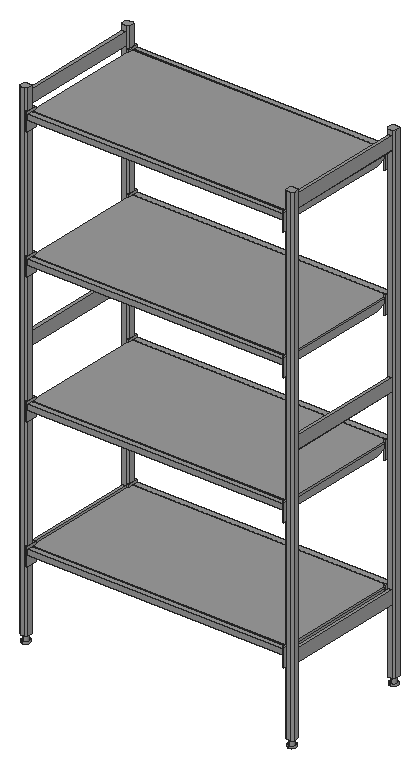
Revit family "QF_ELECTROLUXPROFESSIONAL_137032_BLS950", category Attrezzature speciali, Revit 2020
Family settings
  Quota connettore circolare = Usa diametro
  Tipo di parte = Normale
  Basato su piano di lavoro = No
  Sempre verticale = Sì
  Taglio con vuoti quando caricato = No
  Condiviso = No
  Punto di calcolo locali = No
Parameters (values of type "Standard")
  Weight = 20.00 kg
  Watts = 0 W
  Volts = 0 V
  URL Manufacturer = "https://www.electroluxprofessional.com/"
  URL = "https://www.electroluxprofessional.com/"
  Steam Supply Size = 0 mm
  Steam Supply Minimum Pressure = 0.0 Pa
  Steam Supply Maximum Pressure = 0.0 Pa
  Steam Consumption per Hour = 0
  Refrigeration Suction Line Size = 0.0 mm
  Refrigeration Liquid Line Size = 0.0 mm
  Refrigerant Compressor Remote = yes
  Prospetto di default = 0.0 mm
  Phase = 0
  Modello = "BLS950"
  Produttore = "Electrolux Professional"
  Length Actual = 950.0 mm  # constant formula
  Item Number = "137032"
  Hot Water Size = 0 mm
  Height Actual = 1700.0 mm  # constant formula
  HP = "0 HP"
  Gas Size = 0 mm
  Gas KW = 0
  Gas Input Pressure = 0 W
  Direct Waste Size = 0 mm
  Descrizione = "ALUM.LINEAR SHELV.-POLY.TIERS-475X950MM"
  Depth Actual = 475.0 mm  # constant formula
  Cycle = 0 Hz
  Condensate Return Size = 0 mm
  Compressed Air Volume = 0.0 L/s
  Compressed Air Size = 0 mm
  Compressed Air Pressure = 0.0 Pa
  Cold Water Size = 0 mm
  Accessory = yes
Reference planes
  plane 1: z = 0
  plane 2 "Center (Left/Right)": x = -31
  plane 3 "LEFT": x = -506
  plane 4 "RIGHT": x = 444
  plane 5 "BACK": y = 23
  plane 6 "FRONT": y = -452
  plane 7 "TOP": z = 1700
  plane 8: x = 439
  plane 9: x = -474
  plane 10: x = 412
  plane 11 "Center (Front/Back)": y = -214.5
  plane 12: x = 407
  plane 13: y = -8.5
  plane 14: y = -420.5
  plane 15 "FEET": z = 25
  plane 16: z = 275
  plane 17: z = 725
  plane 18: z = 1175
  plane 19: z = 1625
  plane 20 "CXLeft": x = -492
  plane 21 "CXRight": x = 430
  plane 22: y = 5.5
  plane 23 "CYBack": y = 5.5
  plane 24 "CYFront": y = -434.5
Forms (mm)
  Extrusion 1, solid, material "QF_Aluminum"
    sketch origin (-506, 0, 0) x (0, 1, 0) y (0, 0, 1)
      loop
        line (4, 1650.994) -> (4, 1632.998) -> (23, 1632.998) -> (23, 1650.994) -> (4, 1650.994)
      loop
        line (-433, 1650.994) -> (-452, 1650.994) -> (-452, 1632.998) -> (-433, 1632.998) -> (-433, 1650.994)
      loop
        line (4, 1200.994) -> (4, 1182.998) -> (23, 1182.998) -> (23, 1200.994) -> (4, 1200.994)
      loop
        line (-433, 1200.994) -> (-452, 1200.994) -> (-452, 1182.998) -> (-433, 1182.998) -> (-433, 1200.994)
      loop
        line (4, 750.994) -> (4, 732.998) -> (23, 732.998) -> (23, 750.994) -> (4, 750.994)
      loop
        line (-433, 750.994) -> (-452, 750.994) -> (-452, 732.998) -> (-433, 732.998) -> (-433, 750.994)
      loop
        line (4, 300.994) -> (4, 282.998) -> (23, 282.998) -> (23, 300.994) -> (4, 300.994)
      loop
        line (-433, 300.994) -> (-452, 300.994) -> (-452, 282.998) -> (-433, 282.998) -> (-433, 300.994)
    from 32 to 918
  Extrusion 2, solid, material "QF_Polyethylene"
    sketch origin (-506, 0, 0) x (0, 1, 0) y (0, 0, 1)
      loop
        line (2.007, 1650.994) -> (-431, 1650.994) -> (-431, 1644.496) -> (2.007, 1644.496) -> (2.007, 1650.994)
      loop
        line (2.007, 1200.994) -> (-431, 1200.994) -> (-431, 1194.496) -> (2.007, 1194.496) -> (2.007, 1200.994)
      loop
        line (2.007, 750.994) -> (-431, 750.994) -> (-431, 744.496) -> (2.007, 744.496) -> (2.007, 750.994)
      loop
        line (2.007, 300.994) -> (-431, 300.994) -> (-431, 294.496) -> (2.007, 294.496) -> (2.007, 300.994)
    from 32 to 918
  Extrusion 3, solid, material "QF_Aluminum"
    sketch origin (444, 0, 0) x (0, 1, 0) y (0, 0, 1)
      loop
        line (-12, 1632.998) -> (4, 1632.998) -> (4, 1650.994) -> (2.007, 1650.994) -> (2.007, 1644.496) -> (-431, 1644.496) -> (-431, 1650.994) -> (-433, 1650.994) -> (-433, 1632.998) -> (-417, 1632.998) -> (-383, 1620.994) -> (-46, 1620.994) -> (-12, 1632.998)
      loop
        line (-12, 1182.998) -> (4, 1182.998) -> (4, 1200.994) -> (2.007, 1200.994) -> (2.007, 1194.496) -> (-431, 1194.496) -> (-431, 1200.994) -> (-433, 1200.994) -> (-433, 1182.998) -> (-417, 1182.998) -> (-383, 1170.994) -> (-46, 1170.994) -> (-12, 1182.998)
      loop
        line (-12, 732.998) -> (4, 732.998) -> (4, 750.994) -> (2.007, 750.994) -> (2.007, 744.496) -> (-431, 744.496) -> (-431, 750.994) -> (-433, 750.994) -> (-433, 732.998) -> (-417, 732.998) -> (-383, 720.994) -> (-46, 720.994) -> (-12, 732.998)
      loop
        line (-12, 282.998) -> (4, 282.998) -> (4, 300.994) -> (2.007, 300.994) -> (2.007, 294.496) -> (-431, 294.496) -> (-431, 300.994) -> (-433, 300.994) -> (-433, 282.998) -> (-417, 282.998) -> (-383, 270.994) -> (-46, 270.994) -> (-12, 282.998)
    from -32 to -37
Lines and regions (mm)
  symbolic lines
    curve 1: line (412, 4, 1700) -> (-474, 4, 1700)
    curve 2: line (-478, 23, 1700) -> (416, 23, 1700)
    curve 3: line (416, 13.246, 1700) -> (422.254, 19.5, 1700)
    curve 4: line (422.254, -8.5, 1700) -> (416, -2.246, 1700)
    curve 5: line (422.254, -420.5, 1700) -> (416, -426.754, 1700)
    curve 6: line (-478, -452, 1700) -> (416, -452, 1700)
    curve 7: line (416, 23, 1700) -> (416, -12.993, 1700)
    curve 8: line (416, -12.993, 1700) -> (412, -12.993, 1700)
    curve 9: line (416, -452, 1700) -> (416, -416.007, 1700)
    curve 10: line (416, -416.007, 1700) -> (412, -416.007, 1700)
    curve 11: line (-474, -12.993, 1700) -> (-474, -416.007, 1700)
    curve 12: line (-474, -433, 1700) -> (412, -433, 1700)
    curve 13: line (412, -12.993, 1700) -> (412, -416.007, 1700)
Dimensions and locks
  locked: plane 3 "LEFT" to plane 4 "RIGHT" at 950
  equal spacing: plane 3 "LEFT", plane 2 "Center (Left/Right)", plane 4 "RIGHT"
  locked: plane 7 "TOP" to level at 1700
  locked: plane 5 "BACK" to plane 6 "FRONT" at 475
  locked: plane 4 "RIGHT" to plane 8 at 5
  locked: plane 9 to plane 10 at 886
  locked: plane 3 "LEFT" to plane 9 at 32
  plane 12 to plane 10 = 5.0 mm
  locked: plane 13 to plane 14 at 412
  equal spacing: plane 13, plane 11 "Center (Front/Back)", plane 14
  equal spacing: plane 5 "BACK", plane 11 "Center (Front/Back)", plane 6 "FRONT"
  plane 15 "FEET" to level = 25.0 mm
  plane 7 "TOP" to plane 15 "FEET" = 1675.0 mm
  plane 16 to plane 15 "FEET" = 250.0 mm
  plane 17 to plane 16 = 450.0 mm
  plane 18 to plane 17 = 450.0 mm
  plane 19 to plane 18 = 450.0 mm
  locked: plane 3 "LEFT" to plane 20 "CXLeft" at 14
  locked: plane 21 "CXRight" to plane 4 "RIGHT" at 14
  locked: plane 5 "BACK" to plane 23 "CYBack" at 17.5
  locked: plane 24 "CYFront" to plane 6 "FRONT" at 17.5
  aligned and locked: level to plane 1
  aligned and locked: plane 9 to Extrusion 2
  aligned and locked: Extrusion 2 to plane 10
  aligned and locked: plane 9 to Extrusion 1
  aligned and locked: Extrusion 1 to plane 10
  aligned and locked: Extrusion 1 sketch curve to Extrusion 1 sketch curve  (x2)
  aligned and locked: Extrusion 3 sketch curve to Extrusion 3 sketch curve  (x3)
  aligned and locked: Extrusion 3 to plane 12
  aligned and locked: Extrusion 3 to plane 10
  aligned and locked: nested 1 to plane 20 "CXLeft"
  aligned and locked: nested 2 to plane 21 "CXRight"
Automatic sketch dimensions
  Extrusion 1 sketch curve to plane 6 "FRONT" = 0.0 mm  (x4)
  Extrusion 1 sketch curve to plane 5 "BACK" = 0.0 mm  (x4)
  plane 24 "CYFront" to Extrusion 1 sketch curve = 1.5 mm  (x2)
  plane 22 to Extrusion 1 sketch curve = 1.5 mm  (x4)
  plane 16 to Extrusion 1 sketch curve = 7.998 mm  (x2)
  Extrusion 1 sketch curve to Extrusion 1 sketch curve = 17.997 mm  (x8)
  plane 17 to Extrusion 1 sketch curve = 7.998 mm  (x2)
  plane 18 to Extrusion 1 sketch curve = 7.998 mm  (x2)
  plane 19 to Extrusion 1 sketch curve = 7.998 mm  (x2)
  plane 24 "CYFront" to Extrusion 2 sketch curve = 3.5 mm  (x4)
  plane 22 to Extrusion 2 sketch curve = 3.493 mm  (x4)
  plane 16 to Extrusion 2 sketch curve = 19.496 mm
  Extrusion 2 sketch curve to Extrusion 2 sketch curve = 6.499 mm  (x4)
  plane 17 to Extrusion 2 sketch curve = 19.496 mm
  plane 18 to Extrusion 2 sketch curve = 19.496 mm
  plane 19 to Extrusion 2 sketch curve = 19.496 mm
  plane 24 "CYFront" to Extrusion 3 sketch curve = 1.5 mm  (x4)
  Extrusion 3 sketch curve to Extrusion 3 sketch curve = 2.0 mm
  plane 14 to Extrusion 3 sketch curve = 3.5 mm  (x4)
  Extrusion 3 sketch curve to plane 16 = 4.006 mm
  Extrusion 3 sketch curve to Extrusion 3 sketch curve = 34.0 mm  (x4)
  Extrusion 3 sketch curve to plane 17 = 4.006 mm
  Extrusion 3 sketch curve to plane 18 = 4.006 mm
  Extrusion 3 sketch curve to plane 19 = 4.006 mm
  Extrusion 3 sketch curve to plane 13 = 37.5 mm  (x4)
  Extrusion 3 sketch curve to plane 13 = 3.5 mm  (x4)
  plane 22 to Extrusion 3 sketch curve = 3.493 mm  (x4)
  plane 22 to Extrusion 3 sketch curve = 1.5 mm  (x4)
  plane 16 to Extrusion 3 sketch curve = 7.998 mm  (x2)
  Extrusion 3 sketch curve to Extrusion 3 sketch curve = 11.498 mm  (x4)
  Extrusion 3 sketch curve to Extrusion 3 sketch curve = 6.499 mm  (x8)
  plane 17 to Extrusion 3 sketch curve = 7.998 mm  (x2)
  plane 18 to Extrusion 3 sketch curve = 7.998 mm  (x2)
  plane 19 to Extrusion 3 sketch curve = 7.998 mm  (x2)
  curve 6 to plane 6 "FRONT" = 0.0 mm
  curve 12 to plane 9 = 0.0 mm
  curve 12 to plane 10 = 0.0 mm
  curve 5 to plane 14 = 0.0 mm
  curve 11 to plane 9 = 0.0 mm
  curve 8 to plane 10 = 0.0 mm
  curve 4 to plane 13 = 0.0 mm
  curve 1 to plane 9 = 0.0 mm
  curve 1 to plane 10 = 0.0 mm
  curve 2 to plane 5 "BACK" = 0.0 mm
  plane 14 to curve 10 = 4.493 mm
  curve 7 to plane 13 = 4.493 mm
  curve 10 to plane 10 = 4.0 mm
  curve 7 to plane 10 = 4.0 mm
  plane 24 "CYFront" to curve 12 = 1.5 mm
  curve 5 to plane 14 = 6.254 mm
  plane 14 to curve 11 = 4.493 mm
  curve 11 to plane 13 = 4.493 mm
  plane 13 to curve 4 = 6.254 mm
  plane 22 to curve 1 = 1.5 mm
  curve 3 to plane 22 = 7.746 mm
  curve 3 to plane 5 "BACK" = 3.5 mm
  curve 5 to curve 9 = 6.254 mm
  curve 3 to curve 2 = 6.254 mm
  curve 4 to curve 7 = 6.254 mm
  plane 9 to curve 2 = 4.0 mm
  plane 9 to curve 6 = 4.0 mm
Nested families
  nested 1: "WT_Anta475" at (-89, 0, 0), type "WT_Anta475"
  nested 2: "WT_Anta475" at (27, 0, 0) x (-1, 0, 0) z (0, 0, 1), type "WT_Anta475"
Definition of nested family "WT_Anta475"
  Parameters
    WidthLeft = A + 64.0 mm  # 772.0 mm
    Width = 1606.0 mm
    Right = WidthLeft / 2  # 386.0 mm
    Default Elevation = 0.0 mm
    Left = -WidthLeft / 2  # -386.0 mm
    Height = 1725.0 mm
    FEET = 25.0 mm
    E = 0.0 mm
    Dint = Depth - 63.0 mm  # 412.0 mm
    Dext = Depth - 8.0 mm  # 467.0 mm
    Depth = 475.0 mm
    DX = (WidthLeft - A) / 2  # 32.0 mm
    B = 798.0 mm
    A = 708.0 mm
  Reference planes
    plane 1: z = 0
    plane 2 "LEFT": x = -417
    plane 3 "BACK": y = 23
    plane 4 "FRONT": y = -452
    plane 5 "TOP": z = 1725
    plane 6 "Center (Front/Back)": y = -214.5
    plane 7: y = -8.5
    plane 8: y = -420.5
    plane 9 "FEET": z = 25
    plane 10: z = 275
    plane 11: z = 725
    plane 12: z = 1175
    plane 13: z = 1625
    plane 14 "CXLeft": x = -403
    plane 15: y = 5.5
    plane 16 "CYBack": y = 5.5
    plane 17 "CYFront": y = -434.5
    plane 18: x = -385.031
    plane 19: x = -380.031
  Forms (mm)
    Extrusion 1, solid
      sketch origin (0, 0, 0) x (1, 0, 0) y (0, 1, 0)
        loop
          line (-417, 13.246) -> (-417, -2.246) -> (-410.746, -8.5) -> (-395.254, -8.5) -> (-389, -2.246) -> (-389, 13.246) -> (-395.254, 19.5) -> (-410.746, 19.5) -> (-417, 13.246)
      from 1725 to 25
    Extrusion 2, solid
      sketch origin (-417, 0, 0) x (0, 1, 0) y (0, 0, 1)
        loop
          line (23, 246.005) -> (23, 307.993) -> (-12.993, 307.993) -> (-12.993, 246.005) -> (23, 246.005)
        loop
          line (-452, 246.005) -> (-416.007, 246.005) -> (-416.007, 307.993) -> (-452, 307.993) -> (-452, 246.005)
        loop
          line (23, 696.005) -> (23, 757.993) -> (-12.993, 757.993) -> (-12.993, 696.005) -> (23, 696.005)
        loop
          line (-452, 696.005) -> (-416.007, 696.005) -> (-416.007, 757.993) -> (-452, 757.993) -> (-452, 696.005)
        loop
          line (23, 1146.005) -> (23, 1207.993) -> (-12.993, 1207.993) -> (-12.993, 1146.005) -> (23, 1146.005)
        loop
          line (-452, 1146.005) -> (-416.007, 1146.005) -> (-416.007, 1207.993) -> (-452, 1207.993) -> (-452, 1146.005)
        loop
          line (23, 1596.005) -> (23, 1657.993) -> (-12.993, 1657.993) -> (-12.993, 1596.005) -> (23, 1596.005)
        loop
          line (-452, 1596.005) -> (-416.007, 1596.005) -> (-416.007, 1657.993) -> (-452, 1657.993) -> (-452, 1596.005)
      from 28 to 32
    Revolve 3, solid
      sketch origin (-403, 0, 0) x (0, 1, 0) y (0, 0, 1)
        loop
          line (5.5, 25) -> (5.5, 0) -> (19, 0) -> (19, 5) -> (14, 5) -> (14, 25) -> (5.5, 25)
        axis (5.5, 25) -> (5.5, 0)
      angle from 0 to 360
    Extrusion 4, solid
      sketch origin (-403, 0, 0) x (0, 1, 0) y (0, 0, 1)
        loop
          line (-8.5, 912.382) -> (-8.5, 957.374) -> (-420.5, 957.374) -> (-420.5, 912.382) -> (-8.5, 912.382)
        loop
          line (-8.5, 1662.244) -> (-8.5, 1707.236) -> (-420.5, 1707.236) -> (-420.5, 1662.244) -> (-8.5, 1662.244)
      from -5 to 5
    Revolve 5, solid
      sketch origin (-403, -627, 0) x (0, -1, 0) y (0, 0, 1)
        loop
          line (-192.5, 25) -> (-192.5, 0) -> (-179, 0) -> (-179, 5) -> (-184, 5) -> (-184, 25) -> (-192.5, 25)
        axis (-192.5, 25) -> (-192.5, 0)
      angle from 0 to 360
    Extrusion 6, solid
      sketch origin (0, -627, 0) x (1, 0, 0) y (0, 1, 0)
        loop
          line (-417, 184.754) -> (-410.746, 178.5) -> (-395.254, 178.5) -> (-389, 184.754) -> (-389, 200.246) -> (-395.254, 206.5) -> (-410.746, 206.5) -> (-417, 200.246) -> (-417, 184.754)
      from 1725 to 25
    Extrusion 7, solid
      sketch origin (-417.031, -0.022, 0) x (0, 1, 0) y (0, 0, -1)
        loop
          line (-12, -1632.998) -> (-46, -1620.994) -> (-383, -1620.994) -> (-417, -1632.998) -> (-433, -1632.998) -> (-433, -1650.994) -> (-431, -1650.994) -> (-431, -1644.496) -> (2.007, -1644.496) -> (2.007, -1650.994) -> (4, -1650.994) -> (4, -1632.998) -> (-12, -1632.998)
        loop
          line (-12, -1182.998) -> (-46, -1170.994) -> (-383, -1170.994) -> (-417, -1182.998) -> (-433, -1182.998) -> (-433, -1200.994) -> (-431, -1200.994) -> (-431, -1194.496) -> (2.007, -1194.496) -> (2.007, -1200.994) -> (4, -1200.994) -> (4, -1182.998) -> (-12, -1182.998)
        loop
          line (-12, -732.998) -> (-46, -720.994) -> (-383, -720.994) -> (-417, -732.998) -> (-433, -732.998) -> (-433, -750.994) -> (-431, -750.994) -> (-431, -744.496) -> (2.007, -744.496) -> (2.007, -750.994) -> (4, -750.994) -> (4, -732.998) -> (-12, -732.998)
        loop
          line (-12, -282.998) -> (-46, -270.994) -> (-383, -270.994) -> (-417, -282.998) -> (-433, -282.998) -> (-433, -300.994) -> (-431, -300.994) -> (-431, -294.496) -> (2.007, -294.496) -> (2.007, -300.994) -> (4, -300.994) -> (4, -282.998) -> (-12, -282.998)
      from -32 to -37
    Extrusion 8, solid
      sketch origin (-403, 0, -659.878) x (0, 1, 0) y (0, 0, 1)
        loop
          line (-8.5, 912.382) -> (-8.5, 957.374) -> (-420.5, 957.374) -> (-420.5, 912.382) -> (-8.5, 912.382)
        loop
          line (-8.5, 1572.382) -> (-8.5, 1617.374) -> (-420.5, 1617.374) -> (-420.5, 1572.382) -> (-8.5, 1572.382)
        loop
          line (-8.5, 2322.382) -> (-8.5, 2367.374) -> (-420.5, 2367.374) -> (-420.5, 2322.382) -> (-8.5, 2322.382)
      from -5 to 5
  Lines and regions (mm)
    symbolic lines
      curve 1: line (-408, -8.5, 1725) -> (-408, -420.5, 1725)
      curve 2: line (-398, -420.5, 1725) -> (-398, -8.5, 1725)
      curve 3: line (-395.254, -8.5, 1725) -> (-410.746, -8.5, 1725)
      curve 4: line (-417, -2.246, 1725) -> (-410.746, -8.5, 1725)
      curve 5: line (-417, 13.246, 1725) -> (-417, -2.246, 1725)
      curve 6: line (-410.746, 19.5, 1725) -> (-417, 13.246, 1725)
      curve 7: line (-395.254, 19.5, 1725) -> (-410.746, 19.5, 1725)
      curve 8: line (-389, 13.246, 1725) -> (-395.254, 19.5, 1725)
      curve 9: line (-395.254, -8.5, 1725) -> (-389, -2.246, 1725)
      curve 10: line (-395.254, -420.5, 1725) -> (-410.746, -420.5, 1725)
      curve 11: line (-417, -426.754, 1725) -> (-410.746, -420.5, 1725)
      curve 12: line (-410.746, -448.5, 1725) -> (-417, -442.246, 1725)
      curve 13: line (-395.254, -448.5, 1725) -> (-410.746, -448.5, 1725)
      curve 14: line (-389, -442.246, 1725) -> (-395.254, -448.5, 1725)
      curve 15: line (-395.254, -420.5, 1725) -> (-389, -426.754, 1725)
      curve 16: line (-389, -452, 1725) -> (-389, -416.007, 1725)
      curve 17: line (-389, -416.007, 1725) -> (-385, -416.007, 1725)
      curve 18: line (-389, 23, 1725) -> (-389, -12.993, 1725)
      curve 19: line (-389, -12.993, 1725) -> (-385, -12.993, 1725)
      curve 20: line (-417, -426.754, 1725) -> (-417, -442.246, 1725)
      curve 21: line (-385, -452, 1725) -> (-385, -416.007, 1725)
      curve 22: line (-385, -452, 1725) -> (-389, -452, 1725)
      curve 23: line (-385, 23, 1725) -> (-389, 23, 1725)
      curve 24: line (-385, -12.993, 1725) -> (-385, 23, 1725)
      curve 25: line (-385.031, -13.016, 1725) -> (-385.031, -416.029, 1725)
  Dimensions and locks
    "Height": plane 5 "TOP" to level
    "Depth": plane 3 "BACK" to plane 4 "FRONT"
    "Dint": plane 7 to plane 8
    equal spacing: plane 7, plane 6 "Center (Front/Back)", plane 8
    equal spacing: plane 3 "BACK", plane 6 "Center (Front/Back)", plane 4 "FRONT"
    plane 9 "FEET" to level = 25.0 mm
    plane 5 "TOP" to plane 9 "FEET" = 1700.0 mm
    plane 10 to plane 9 "FEET" = 250.0 mm
    plane 11 to plane 10 = 450.0 mm
    plane 12 to plane 11 = 450.0 mm
    plane 13 to plane 12 = 450.0 mm
    locked: plane 2 "LEFT" to plane 14 "CXLeft" at 14
    locked: plane 3 "BACK" to plane 16 "CYBack" at 17.5
    locked: plane 17 "CYFront" to plane 4 "FRONT" at 17.5
    locked: Revolve 3 sketch curve to Revolve 3 sketch curve at 8.5
    locked: Revolve 3 sketch curve to plane 16 "CYBack" at 13.5
    locked: Revolve 5 sketch curve to Revolve 5 sketch curve at 8.5
    aligned and locked: level to plane 1
    aligned and locked: curve 20 to Extrusion 6
    aligned and locked: plane 5 "TOP" to Extrusion 1
    aligned and locked: plane 5 "TOP" to Extrusion 6
    aligned and locked: Extrusion 7 sketch curve to Extrusion 7 sketch curve  (x3)
  Automatic sketch dimensions
    curve 16 to plane 4 "FRONT" = 0.0 mm
    curve 11 to plane 8 = 0.0 mm
    curve 9 to plane 7 = 0.0 mm
    curve 5 to plane 2 "LEFT" = 0.0 mm
    curve 23 to plane 3 "BACK" = 0.0 mm
    plane 4 "FRONT" to curve 13 = 3.5 mm
    curve 20 to plane 17 "CYFront" = 7.746 mm
    curve 20 to plane 8 = 6.254 mm
    plane 8 to curve 16 = 4.493 mm
    curve 24 to plane 18 = 0.031 mm
    curve 24 to plane 7 = 4.493 mm
    plane 7 to curve 5 = 6.254 mm
    curve 5 to plane 15 = 7.746 mm
    curve 6 to plane 3 "BACK" = 3.5 mm
    curve 21 to plane 18 = 0.031 mm
    plane 18 to curve 23 = 3.969 mm
    plane 18 to curve 16 = 3.969 mm
    curve 18 to curve 8 = 6.254 mm
    curve 18 to curve 3 = 6.254 mm
    curve 16 to curve 13 = 6.254 mm
    curve 16 to curve 15 = 6.254 mm
    plane 2 "LEFT" to curve 10 = 6.254 mm
    plane 2 "LEFT" to curve 7 = 6.254 mm
    plane 2 "LEFT" to curve 12 = 6.254 mm
    plane 2 "LEFT" to curve 3 = 6.254 mm
    curve 14 to plane 17 "CYFront" = 7.746 mm
    curve 15 to plane 8 = 6.254 mm
    plane 7 to curve 9 = 6.254 mm
    curve 8 to plane 15 = 7.746 mm
    curve 3 to curve 2 = 2.746 mm
    curve 1 to curve 10 = 2.746 mm
    Extrusion 1 sketch curve to plane 2 "LEFT" = 0.0 mm
    Extrusion 1 sketch curve to plane 7 = 0.0 mm
    plane 2 "LEFT" to Extrusion 1 sketch curve = 6.254 mm  (x2)
    plane 14 "CXLeft" to Extrusion 1 sketch curve = 7.746 mm  (x2)
    Extrusion 1 sketch curve to plane 3 "BACK" = 3.5 mm
    plane 18 to Extrusion 1 sketch curve = 3.969 mm
    plane 7 to Extrusion 1 sketch curve = 6.254 mm  (x2)
    Extrusion 1 sketch curve to plane 15 = 7.746 mm  (x2)
    Extrusion 2 sketch curve to plane 4 "FRONT" = 0.0 mm  (x4)
    Extrusion 2 sketch curve to plane 3 "BACK" = 0.0 mm  (x4)
    plane 8 to Extrusion 2 sketch curve = 4.493 mm  (x4)
    Extrusion 2 sketch curve to plane 7 = 4.493 mm  (x4)
    Extrusion 2 sketch curve to plane 10 = 28.995 mm  (x2)
    plane 10 to Extrusion 2 sketch curve = 32.993 mm  (x2)
    Extrusion 2 sketch curve to plane 11 = 28.995 mm  (x2)
    plane 11 to Extrusion 2 sketch curve = 32.993 mm  (x2)
    Extrusion 2 sketch curve to plane 12 = 28.995 mm  (x2)
    plane 12 to Extrusion 2 sketch curve = 32.993 mm  (x2)
    Extrusion 2 sketch curve to plane 13 = 28.995 mm  (x2)
    plane 13 to Extrusion 2 sketch curve = 32.993 mm  (x2)
    Revolve 3 sketch curve to plane 9 "FEET" = 0.0 mm  (x2)
    Revolve 3 sketch curve to plane 15 = 0.0 mm  (x2)
    Revolve 3 sketch curve to level = 0.0 mm
    level to Revolve 3 sketch curve = 5.0 mm
    Revolve 3 sketch curve to Revolve 3 sketch curve = 11.655 mm
    Extrusion 4 sketch curve to plane 8 = 0.0 mm  (x2)
    Extrusion 4 sketch curve to plane 7 = 0.0 mm  (x2)
    plane 11 to Extrusion 4 sketch curve = 187.382 mm
    Extrusion 4 sketch curve to Extrusion 4 sketch curve = 44.992 mm
    plane 13 to Extrusion 4 sketch curve = 37.244 mm
    Extrusion 4 sketch curve to plane 5 "TOP" = 17.764 mm
    Revolve 5 sketch curve to plane 9 "FEET" = 0.0 mm  (x2)
    Revolve 5 sketch curve to plane 17 "CYFront" = 0.0 mm  (x2)
    Revolve 5 sketch curve to level = 0.0 mm
    Revolve 5 sketch curve to plane 4 "FRONT" = 4.0 mm
    Revolve 5 sketch curve to Revolve 5 sketch curve = 5.0 mm
    level to Revolve 5 sketch curve = 11.655 mm
    Extrusion 6 sketch curve to plane 2 "LEFT" = 0.0 mm
    Extrusion 6 sketch curve to plane 8 = 0.0 mm
    Extrusion 6 sketch curve to plane 2 "LEFT" = 6.254 mm  (x2)
    Extrusion 6 sketch curve to plane 14 "CXLeft" = 7.746 mm  (x2)
    Extrusion 6 sketch curve to plane 4 "FRONT" = 3.5 mm
    Extrusion 6 sketch curve to plane 18 = 3.969 mm
    plane 8 to Extrusion 6 sketch curve = 6.254 mm  (x2)
    plane 17 "CYFront" to Extrusion 6 sketch curve = 7.746 mm  (x2)
    plane 17 "CYFront" to Extrusion 7 sketch curve = 1.478 mm  (x4)
    Extrusion 7 sketch curve to Extrusion 7 sketch curve = 2.0 mm
    plane 8 to Extrusion 7 sketch curve = 3.478 mm  (x4)
    Extrusion 7 sketch curve to plane 10 = 4.006 mm
    Extrusion 7 sketch curve to Extrusion 7 sketch curve = 34.0 mm  (x4)
    Extrusion 7 sketch curve to plane 11 = 4.006 mm
    Extrusion 7 sketch curve to plane 12 = 4.006 mm
    Extrusion 7 sketch curve to plane 13 = 4.006 mm
    Extrusion 7 sketch curve to plane 7 = 37.522 mm  (x4)
    Extrusion 7 sketch curve to plane 7 = 3.522 mm  (x4)
    plane 15 to Extrusion 7 sketch curve = 3.516 mm  (x4)
    plane 15 to Extrusion 7 sketch curve = 1.522 mm  (x4)
    plane 13 to Extrusion 7 sketch curve = 7.998 mm  (x2)
    Extrusion 7 sketch curve to Extrusion 7 sketch curve = 11.498 mm
    Extrusion 7 sketch curve to Extrusion 7 sketch curve = 6.499 mm  (x5)
    plane 12 to Extrusion 7 sketch curve = 25.994 mm  (x2)
    plane 12 to Extrusion 7 sketch curve = 7.998 mm  (x2)
    plane 11 to Extrusion 7 sketch curve = 25.994 mm  (x2)
    plane 11 to Extrusion 7 sketch curve = 7.998 mm  (x2)
    plane 10 to Extrusion 7 sketch curve = 25.994 mm  (x2)
    plane 10 to Extrusion 7 sketch curve = 7.998 mm  (x2)
    curve 25 to plane 18 = 0.0 mm
    plane 8 to curve 25 = 4.471 mm
    curve 25 to plane 7 = 4.516 mm
    Extrusion 8 sketch curve to plane 8 = 0.0 mm  (x3)
    Extrusion 8 sketch curve to plane 7 = 0.0 mm  (x3)
    Extrusion 8 sketch curve to plane 10 = 22.496 mm
    plane 10 to Extrusion 8 sketch curve = 22.496 mm
    plane 11 to Extrusion 8 sketch curve = 187.504 mm
    Extrusion 8 sketch curve to Extrusion 8 sketch curve = 44.992 mm
    plane 13 to Extrusion 8 sketch curve = 37.504 mm
    Extrusion 8 sketch curve to plane 5 "TOP" = 17.504 mm
